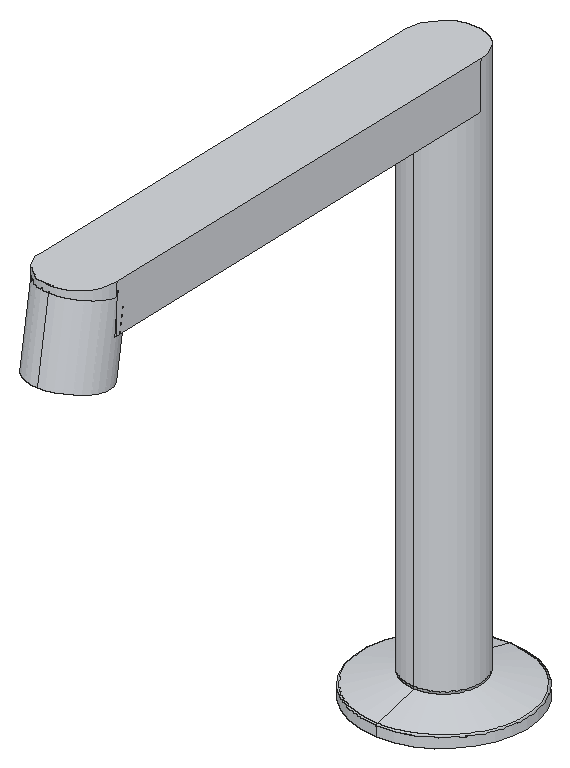
Revit family "Faucet-Lavatory-Spout-KOHLER-COMPONENTS-K-77969BR_1", category Plumbing Fixtures, host Face, Revit 2017
Family settings
  Host = Face
  Round Connector Dimension = Use Diameter
  Part Type = Normal
  OmniClass Number = 23.31.11.00
  OmniClass Title = Faucets
  Cut with Voids When Loaded = No
  Shared = No
  Room Calculation Point = No
Parameters (values of type "CP-Polished Chrome")
  Width = 2 3/8"  # constant formula
  WaterSense Certified = 1 = 0  # no
  Waste Water Outlet = "Waste Water Outlet"  # constant formula
  Waste Connection = 1 = 0  # no
  Vent Connection = 1 = 0  # no
  URL = "https://br.kohler.com/"
  Type = 1
  Spout Reach = 6 5/8"  # constant formula
  Product Page URL = "https://br.kohler.com/product-detail/77969br?skuid=K-77969BR-CP"
  Product Name = "COMPONENTS"  # constant formula
  Product Documentation Link = ""
  Pressure = 60.00 psi  # constant formula
  Model = if(Type = 1, "K-77969BR-CP", if(Type = 2, "K-77969BR-BN", if(Type = 3, "K-77969BR-RGD", if(Type = 4, "K-77969BR-BL", "NA"))))  # "K-77969BR-CP"
  Material = "Premium Metal Construction"  # constant formula
  Master Format 2014 = "22 41 39"  # constant formula
  Master Format 2014 Name = "Residential Faucets, Supplies, and Trim"  # constant formula
  Manufacturer Address = "Rio de Janeiro MULTIREPAROS RUA BATISTA DA COSTA, Nº 352 | STORE B Rio de Janeiro SÃO GONÇALO 24450-470"  # constant formula
  Manufacturer = "KOHLER Co."  # constant formula
  Length = Spout Reach  # 6 5/8"
  Hot Water Inlet = "Hot Water Inlet"  # constant formula
  Height = 8 1/4"  # constant formula
  HW Connection = 1 = 1  # yes
  Flow Rate = 1.2 GPM  # constant formula
  Finish = Kohler-Metal-CP-Polished_Chrome
  Environmental Product Declaration = ""
  Drain Included = 1 = 1  # yes
  Description = "Row spout for washbasin mixer"  # constant formula
  Default Elevation = 36"
  Declare Label = ""
  Date Modified = "09/14/2021"  # constant formula
  Date Created = "09/14/2021"  # constant formula
  Copyright = "Copyright KOHLER Co."  # constant formula
  Contact Us = "https://br.kohler.com/asr-listing"
  Cold Water Inlet = "Cold Water Inlet"  # constant formula
  CW Connection = 1 = 1  # yes
  Assembly Code = "D2010"
  ADA Compliant = 1 = 0  # no
Types (5): name | Type | Product Page URL | Model | Finish
  (no name) | 1 | "https://br.kohler.com/product-detail/77969br?skuid=K-77969BR-CP" | "K-77969BR-CP" | Kohler-Metal-CP-Polished_Chrome
  BL-Matte Black | 4 | "https://br.kohler.com/product-detail/77969br?skuid=K-77969BR-BL" | "K-77969BR-BL" | Kohler-Metal-BL-Matte_Black
  CP-Polished Chrome | 1 | "https://br.kohler.com/product-detail/77969br?skuid=K-77969BR-CP" | "K-77969BR-CP" | Kohler-Metal-CP-Polished_Chrome
  BN-Vibrant Brushed Nickel | 2 | "https://br.kohler.com/product-detail/77969br?skuid=K-77969BR-BN" | "K-77969BR-BN" | Kohler-Metal-BN-Vibrant_Brushed_Nickel
  RGD-Polished Rose Gold | 3 | "https://br.kohler.com/product-detail/77969br?skuid=K-77969BR-RGD" | "K-77969BR-RGD" | Kohler-Metal-RGD-Polished_Rose_Gold
Reference planes (in)
  plane 1 "Center (Front/Back)": y = 0
  plane 2: z = 0
  plane 3 "Center (Left/Right)": x = 0
  plane 4: x = -1.1875
  plane 5: x = 1.1875
  plane 6: y = -6.625
  plane 7: z = 8.25
  plane 8: y = 1.18111
  plane 9: y = -1.1811
  plane 10: y = -7.15682
  plane 11: z = 0.3208
  plane 12: x = -0.53077
  plane 13: x = 0.53077
  plane 14: y = 0.53273
  plane 15: y = -0.53273
  plane 16: z = 6.9685
  plane 17: x = -0.38558
  plane 18: x = 0.38558
Dimensions and locks (in)
  "Width": plane 4 to plane 5
  "Length": plane 6 to plane 1 "Center (Front/Back)"
  "Height": plane 7 to plane 2
  "Spout Reach": plane 6 to plane 1 "Center (Front/Back)"
  plane 16 to level = 6.9685"
  plane 13 to plane 12 = 1.06154"
  aligned and locked: plane 2 to host face
  aligned and locked: level to host face
Automatic sketch dimensions
  host sketch curve to host sketch curve = 96"  (x2)
Nested families (in)
  nested 1: "K-77969BR" at (0, 0, 0), type "K-77969BR"
Connectors (in)
  piping at (-0.38558, 0, 0), diameter 0.5, driven by "Flow Rate", driven by "Pressure", driven by "HW Connection", driven by "Hot Water Inlet"
    settings: on nested 1, index 1, connector inside diameter 24", connector length 0", flow factor 0, pipe flow 1.2 GPM, pressure drop 60.00 psi, fitting loss kfactor 0, connector angle 0.00°, fixture units 0, engagement length 0", angle of deflection 0.00°, flow configuration 1, flow direction 1, fitting loss method 4, system type 19, joint type 0, gender type 0, connector reference index -1, connector utility 1, adjustable connector no, is connector primary yes, connector description "Hot Water Inlet"
  piping at (0.38558, 0, 0), diameter 0.5, driven by "Flow Rate", driven by "Pressure", driven by "CW Connection", driven by "Cold Water Inlet"
    settings: on nested 1, index 2, connector inside diameter 24", connector length 0", flow factor 0, pipe flow 1.2 GPM, pressure drop 60.00 psi, fitting loss kfactor 0, connector angle 0.00°, fixture units 0, engagement length 0", angle of deflection 0.00°, flow configuration 1, flow direction 1, fitting loss method 4, system type 20, joint type 0, gender type 0, connector reference index -1, connector utility 1, adjustable connector no, is connector primary no, connector description "Cold Water Inlet"
Definition of nested family "K-77969BR"
  Parameters (values of type "K-77969BR")
    Material = none
  Reference planes (in)
    plane 1 "Center (Front/Back)": y = 0
    plane 2: z = 0
    plane 3 "Center (Left/Right)": x = 0
    plane 4: z = 8.25
    plane 5: x = -1.1875
    plane 6: x = 1.1875
    plane 7: y = -6.625
    plane 8: z = 7
    plane 9: y = 1.18111
    plane 10: y = -1.1811
    plane 11: y = -7.15682
    plane 12: z = 0.3208
    plane 13: x = -0.38558
    plane 14: x = 0.38558
  Forms (in)
    Revolve 1, solid, material <- "Material", detail levels medium+fine
      sketch origin (0, 0, 0) x (0, 1, 0) y (0, 0, 1)
        loop
          line (0, 0) -> (1.18111, 0) -> (1.18111, 0.13926)
          arc (1.18111, 0.13926) -> (1.17614, 0.15359) -> (1.16338, 0.16177) r 0.02316
          line (1.16338, 0.16177) -> (0.51523, 0.31812)
          arc (0.51523, 0.31812) -> (0.52673, 0.33523) -> (0.53078, 0.35544) r 0.05258
          line (0.53078, 0.35544) -> (0.53078, 8.25) -> (0, 8.25) -> (0, 0)
        axis (0, 8.25) -> (0, 0)
      angle from 0 to 360
    Extrusion 2, solid, material <- "Material", detail levels coarse
      sketch origin (0, 0, 0) x (1, 0, 0) y (0, 1, 0)
        loop
          circle (0, 0) r 1.1811
      from 0 to 0.32403
    Revolve 3, solid, material <- "Material"
      sketch origin (0, 0.01611, -0.00391) x (0, 1, 0) y (0, 0, 1)
        loop
          line (-6.6483, 6.9528) -> (-6.43588, 8.15749) -> (-6.96052, 8.25) -> (-7.17294, 7.04531) -> (-6.6483, 6.9528)
        axis (-6.43588, 8.15749) -> (-6.6483, 6.9528)
      angle from 0 to 360
    Extrusion 4, solid, material <- "Material", detail levels medium+fine
      sketch origin (0, 0, 0) x (1, 0, 0) y (0, 1, 0)
        loop
          arc (0.53077, 0.00017) -> (0, 0.53078) -> (-0.53077, 0.00017) r 0.53077
          line (-0.53077, 0.00017) -> (-0.53273, -6.43572)
          spline (-0.53273, -6.43572) -> (-0.51461, -6.57154) -> (-0.46141, -6.69811) -> (-0.37675, -6.8068) -> (-0.26641, -6.8902) -> (-0.13791, -6.94263) -> (0, -6.96052) -> (0.13791, -6.94263) -> (0.26641, -6.8902) -> (0.37675, -6.8068) -> (0.46141, -6.69811) -> (0.51461, -6.57154) -> (0.53273, -6.43572)
          line (0.53273, -6.43572) -> (0.53077, 0.00017)
      from 7.57253 to 8.25
    Extrusion 5, solid, material <- "Material", detail levels coarse
      sketch origin (0, 0, 0) x (1, 0, 0) y (0, 1, 0)
        loop
          circle (0, 0) r 0.53077
      from 0.24885 to 7.57253
    Extrusion 6, solid, material <- "Material", detail levels coarse
      sketch origin (0, 0, 0) x (1, 0, 0) y (0, 1, 0)
        loop
          line (0.53273, -6.43572) -> (0.53077, 0.00033)
          arc (0.53077, 0.00033) -> (0, 0.53078) -> (-0.53077, 0.00033) r 0.53077
          line (-0.53077, 0.00033) -> (-0.53273, -6.43572)
          spline (-0.53273, -6.43572) -> (-0.51461, -6.57154) -> (-0.46141, -6.69811) -> (-0.37675, -6.8068) -> (-0.26641, -6.8902) -> (-0.13791, -6.94263) -> (0, -6.96052) -> (0.13791, -6.94263) -> (0.26641, -6.8902) -> (0.37675, -6.8068) -> (0.46141, -6.69811) -> (0.51461, -6.57154) -> (0.53273, -6.43572)
      from 7.57253 to 8.25
    Extrusion 7, solid, material <- "Material"
      sketch origin (0, 0, 0) x (1, 0, 0) y (0, 1, 0)
        loop
          circle (-0.38558, 0) r 0.07433
        loop
          circle (0.38558, 0) r 0.07433
      from 0 to 0.11719
  Cuts and joins
    joined: Revolve 1, Extrusion 4
  Lines and regions (in)
    Masking region 1
      outline origin (0, 0, 0) x (0, 1, 0) y (0, 0, 1)
        loop
          line (1.18111, 0) -> (1.18111, 0.13933)
          arc (1.18111, 0.13933) -> (1.17617, 0.1536) -> (1.16346, 0.16175) r 0.02306
          line (1.16346, 0.16175) -> (0.50538, 0.3208)
          arc (0.50538, 0.3208) -> (0.52565, 0.35296) -> (0.53273, 0.39031) r 0.10199
          line (0.53273, 0.39031) -> (0.53273, 8.25) -> (-6.96052, 8.25) -> (-7.15682, 7.04141) -> (-6.10755, 6.85639) -> (-5.98127, 7.57253) -> (-0.53273, 7.57253) -> (-0.53273, 0.39031)
          arc (-0.53273, 0.39031) -> (-0.52565, 0.35296) -> (-0.50538, 0.3208) r 0.10199
          line (-0.50538, 0.3208) -> (-1.16346, 0.16175)
          arc (-1.16346, 0.16175) -> (-1.17617, 0.1536) -> (-1.18111, 0.13933) r 0.02306
          line (-1.18111, 0.13933) -> (-1.18111, 0) -> (1.18111, 0)
    Masking region 2
      outline origin (0, 0, 0) x (1, 0, 0) y (0, 0, 1)
        loop
          line (-1.1875, 0) -> (1.1875, 0) -> (1.1875, 0.13933)
          arc (1.1875, 0.13933) -> (1.18256, 0.1536) -> (1.16986, 0.16175) r 0.02306
          line (1.16986, 0.16175) -> (0.50653, 0.32207)
          arc (0.50653, 0.32207) -> (0.52596, 0.35376) -> (0.53273, 0.39031) r 0.10199
          line (0.53273, 0.39031) -> (0.53273, 8.25) -> (-0.53273, 8.25) -> (-0.53273, 0.39031)
          arc (-0.53273, 0.39031) -> (-0.52596, 0.35376) -> (-0.50653, 0.32207) r 0.10199
          line (-0.50653, 0.32207) -> (-1.16986, 0.16175)
          arc (-1.16986, 0.16175) -> (-1.18256, 0.1536) -> (-1.1875, 0.13933) r 0.02306
          line (-1.1875, 0.13933) -> (-1.1875, 0)
    Masking region 3
      outline origin (0, 0, 0) x (1, 0, 0) y (0, 1, 0)
        loop
          arc (0.53109, -1.05508) -> (0, 1.19454) -> (-0.53109, -1.05508) r 1.1875
          line (-0.53109, -1.05508) -> (-0.53109, -6.59108)
          spline (-0.53109, -6.59108) -> (-0.5238, -6.72785) -> (-0.48081, -6.8581) -> (-0.40506, -6.97295) -> (-0.3017, -7.06458) -> (-0.17778, -7.12675) -> (-0.04174, -7.15521) -> (0.09713, -7.14803) -> (0.22939, -7.10569) -> (0.34602, -7.03109) -> (0.43907, -6.9293) -> (0.50219, -6.80726) -> (0.53109, -6.6733)
          line (0.53109, -6.6733) -> (0.53109, -1.05508)
    symbolic lines, detail levels medium+fine
      curve 1: line (-0.50825, 0, 0.32403) -> (0.50825, 0, 0.32403)
      curve 2: line (0, 1.18111, 0.13933) -> (0, -1.18111, 0.13933)
      curve 3: line (-1.1875, 0, 0.13933) -> (1.1875, 0, 0.13933)
      curve 4: spline (-0.53273, 0, 7) -> (-0.51458, 0, 6.97606) -> (-0.46136, 0, 6.95375) -> (-0.3767, 0, 6.93459) -> (-0.26637, 0, 6.91989) -> (-0.13788, 0, 6.91064) -> (0, 0, 6.90749) -> (0.13788, 0, 6.91064) -> (0.26637, 0, 6.91989) -> (0.3767, 0, 6.93459) -> (0.46136, 0, 6.95375) -> (0.51458, 0, 6.97606) -> (0.53273, 0, 7) -> (0.51458, 0, 7.02394) -> (0.46136, 0, 7.04625) -> (0.3767, 0, 7.06541) -> (0.26637, 0, 7.08011) -> (0.13788, 0, 7.08936) -> (0, 0, 7.09251) -> (-0.13788, 0, 7.08936) -> (-0.26637, 0, 7.08011) -> (-0.3767, 0, 7.06541) -> (-0.46136, 0, 7.04625) -> (-0.51458, 0, 7.02394) -> (-0.53273, 0, 7)
      curve 5: line (0, -0.53273, 7.57253) -> (0, 0.53273, 7.57253)
      curve 6: arc (0, -6.38195, 7.5326) -> (0, -6.1826, 7.56253) -> (0, -5.98127, 7.57253) r 2.03002
      curve 7: spline (-0.53273, -6.43572, 0) -> (-0.51461, -6.57154, 0) -> (-0.46141, -6.69811, 0) -> (-0.37675, -6.8068, 0) -> (-0.26641, -6.8902, 0) -> (-0.13791, -6.94263, 0) -> (0, -6.96052, 0) -> (0.13791, -6.94263, 0) -> (0.26641, -6.8902, 0) -> (0.37675, -6.8068, 0) -> (0.46141, -6.69811, 0) -> (0.51461, -6.57154, 0) -> (0.53273, -6.43572, 0)
      curve 8: line (0.53077, -1.05524, 0) -> (0.53077, 0.00017, 0)
      curve 9: line (-0.53077, -1.05524, 0) -> (-0.53077, 0.00017, 0)
      curve 10: arc (-0.53077, 0.00017, 0) -> (0, 0.53094, 0) -> (0.53077, 0.00017, 0) r 0.53077
      curve 11: line (0, 0.50538, 0.3208) -> (0, -0.50538, 0.3208)
      curve 12: arc (0.53103, -0.84735, 0) -> (0, 1, 0) -> (-0.53103, -0.84735, 0) r 1
  Dimensions and locks (in)
    plane 4 to level = 8 1/4"
    aligned and locked: plane 2 to level
